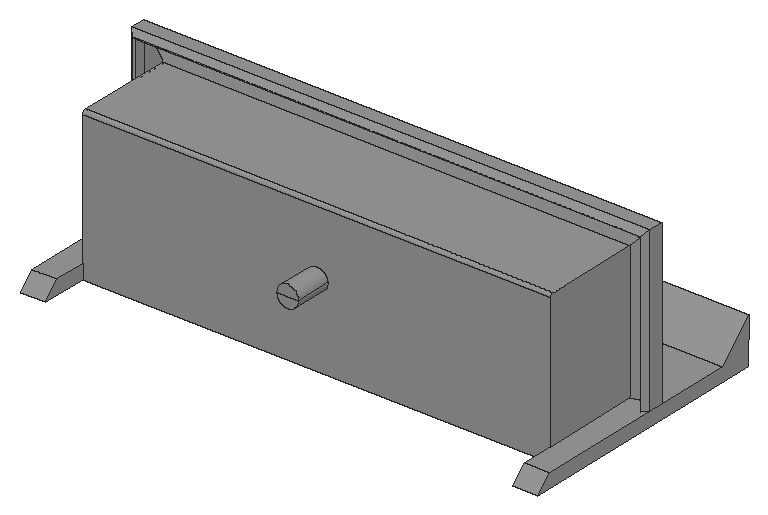
Revit family "Urinal-Willoughby-1800-UW-FA-TS", category Plumbing Fixtures, Revit 2015
Parameters (values of type "1836")
  Width = 3' - 0"
  Waste DIA = 1 1/2"
  Waste Connection = yes
  Vent Connection = no
  URL = "https://www.willoughby-ind.com/wp-content/uploads/2018/01/UW-1800.pdf"
  Type Comments = ""
  Trough Width = Width - 0' 3 1/2"  # 2' - 8 1/2"
  Revision = "A"
  Model = "UW-1836-FA-TS"
  Manufacturer = "Willoughby Industries"
  Half Width = Width / 2  # 1' - 6"
  HW Connection = no
  Fixture Body = Stainless Steel AISI 304-Willoughby(4)
  Description = "36\" Trough Urinal Top Spud"
  Default Elevation = 0' - 0"
  Contact = "800-428-4065"
  CW inlet Diameter = 3/4"
  CW Connection = yes
  96" = no
  72" = no
  60" = no
  48" = no
  36" = yes
Types (6): name | Width | Trough Width | Half Width | Fixture Body | Description | CW inlet Diameter | 96" | 72" | 60" | 48" | 36"
  (no name) | 3' - 0" | 2' - 8 1/2" | 1' - 6" | Stainless Steel AISI 304-Willoughby(4) | "36\" Trough Urinal Top Spud" | 3/4" | no | no | no | no | yes
  1848 | 4' - 0" | 3' - 8 1/2" | 2' - 0" | Stainless Steel AISI 304-Willoughby(3) | "48\" Trough Urinal Top Spud" | 3/4" | no | no | no | yes | no
  1836 | 3' - 0" | 2' - 8 1/2" | 1' - 6" | Stainless Steel AISI 304-Willoughby(4) | "36\" Trough Urinal Top Spud" | 3/4" | no | no | no | no | yes
  1860 | 5' - 0" | 4' - 8 1/2" | 2' - 6" | Stainless Steel AISI 304-Willoughby(2) | "60\" Trough Urinal Top Spud" | 3/4" | no | no | yes | no | no
  1872 | 6' - 0" | 5' - 8 1/2" | 3' - 0" | Stainless Steel AISI 304-Willoughby | "72\" Trough Urinal Top Spud" | 1 1/2" | no | yes | no | no | no
  1896 | 8' - 0" | 7' - 8 1/2" | 4' - 0" | Stainless Steel AISI 304-Willoughby(1) | "96\" Trough Urinal Top Spud" | 1 1/2" | yes | no | no | no | no
Reference planes (in)
  plane 1 "Center (Front/Back)Floor Level": y = 0
  plane 2: z = 0
  plane 3 "Center (Left/Right)": x = 0
  plane 4 "Top Of Urinal": y = 20
  plane 5 "Top Of Unit": y = 28
  plane 6 "Botto Of Unit": y = 13
  plane 7 "Left extent": x = -18
  plane 8 "Right Extent": x = 18
  plane 9: z = 10.5
  plane 10: x = 16.25
  plane 11: x = -16.25
  plane 12 "Drain Center": z = 5.75
  plane 13 "Top Spud": z = 2.5
  plane 14 "top spud": z = 2.5
  plane 15: x = -16.15625
Forms (in)
  Extrusion 1, solid, material "Stainless Steel AISI 304-Willoughby(4)" <- "Fixture Body"
    sketch origin (0, 0, 0) x (0, 1, 0) y (0, 0, 1)
      loop
        line (13, 0) -> (28, 0) -> (28, 3.25) -> (25.75, 1) -> (13, 1) -> (13, 0)
    from -18 to 18
  Extrusion 2, solid, material "Stainless Steel AISI 304-Willoughby(4)" <- "Fixture Body"
    sketch origin (0, 0, 0) x (0, 1, 0) y (0, 0, 1)
      loop
        line (20, 1) -> (20, 10.5) -> (13.25, 10.5)
        arc (13.25, 10.5) -> (13.07322, 10.42678) -> (13, 10.25) r 0.25
        line (13, 10.25) -> (13, 1) -> (20, 1)
    from -16.25 to 16.25
  Sweep 3, solid, material "Stainless Steel AISI 304-Willoughby(4)" <- "Fixture Body", detail levels medium+fine
    path origin (0, 20, 0) x (-1, 0, 0) y (0, 0, 1)
      loop
        line (-16.25, 1) -> (-16.25, 10.5) -> (16.25, 10.5) -> (16.25, 1)
    profile origin (16.25, 20, 5.75) x (1, 0, 0) y (0, 1, 0)
      loop
        line (0, 0) -> (0, -0.09706) -> (1.65625, 0.34673) -> (1.65625, -0.49226) -> (1.33016, -0.81835) -> (1.39645, -0.88464) -> (1.75, -0.53109) -> (1.75, 0.46891) -> (0, 0)
  Extrusion 4, void
    sketch origin (0, 0, 0) x (0, 1, 0) y (0, 0, 1)
      loop
        line (20, 10.45984) -> (13.36653, 10.45984)
        arc (13.36653, 10.45984) -> (13.18975, 10.38661) -> (13.11653, 10.20984) r 0.25
        line (13.11653, 10.20984) -> (13.11653, 1.06937) -> (20, 1.06937) -> (20, 10.45984)
    from -16.15625 to 16.1513
  Revolve 5, solid, material "Stainless Steel AISI 304-Willoughby(4)" <- "Fixture Body", detail levels medium+fine
    sketch origin (0, 0, 5.75) x (1, 0, 0) y (0, 1, 0)
      loop
        line (0, 13.11653) -> (0, 10.5) -> (0.75, 10.5) -> (0.75, 13.11653) -> (0, 13.11653)
      axis (0, 13.11653) -> (0, 10.5)
    angle from 0 to 360
  Extrusion 6, solid, material "Stainless Steel AISI 304-Willoughby(4)" <- "Fixture Body"
    sketch origin (0, 0, 0) x (0, 1, 0) y (0, 0, 1)
      loop
        line (13, 0) -> (13, 1) -> (10.75, 1) -> (9.75, 0) -> (13, 0)
    from -18 to -16.25
  Extrusion 7, solid, material "Stainless Steel AISI 304-Willoughby(4)" <- "Fixture Body"
    sketch origin (0, 0, 0) x (0, 1, 0) y (0, 0, 1)
      loop
        line (13, 1) -> (10.75, 1) -> (9.75, 0) -> (13, 0) -> (13, 1)
    from 16.25 to 18
  Revolve 8, solid, material "Stainless Steel AISI 304-Willoughby(4)" <- "Fixture Body", detail levels medium+fine
    sketch origin (0, 0, 2.5) x (1, 0, 0) y (0, 1, 0)
      loop
        line (0, 28) -> (0.375, 28) -> (0.375, 29) -> (0, 29) -> (0, 28)
      axis (0, 29) -> (0, 28)
    angle from 0 to 360
Cuts and joins
  Extrusion 4 cuts Extrusion 2
  joined: Extrusion 1, Extrusion 2, Extrusion 6, Extrusion 7
  Extrusion 4 cuts Sweep 3
Lines and regions (in)
  symbolic lines
    curve 1: line (-16.25, 9.75, 2.5) -> (-18, 9.75, 2.5)
    curve 2: line (-18, 9.75, 2.5) -> (-18, 28, 2.5)
    curve 3: line (-18, 28, 2.5) -> (18, 28, 2.5)
    curve 4: line (18, 28, 2.5) -> (18, 9.75, 2.5)
    curve 5: line (18, 9.75, 2.5) -> (16.25, 9.75, 2.5)
    curve 6: line (16.25, 9.75, 2.5) -> (16.25, 13, 2.5)
    curve 7: line (16.25, 13, 2.5) -> (-16.25, 13, 2.5)
    curve 8: line (-16.25, 13, 2.5) -> (-16.25, 20, 2.5)
    curve 9: line (-16.25, 20, 2.5) -> (16.25, 20, 2.5)
    curve 10: line (16.25, 20, 2.5) -> (16.25, 13, 2.5)
    curve 17: line (-16.25, 13, 2.5) -> (-16.25, 9.75, 2.5)
    curve 20: line (-18, 20, 0) -> (18, 20, 0)
    curve 21: line (18, 20, 0) -> (18, 20, 12.25)
    curve 22: line (18, 20, 12.25) -> (-18, 20, 12.25)
    curve 23: line (-18, 20, 12.25) -> (-18, 20, 0)
    curve 29: line (0, 9.75, 0) -> (0, 28, 0)
    curve 30: line (0, 28, 0) -> (0, 28, 3.25)
    curve 31: line (0, 28, 3.25) -> (0, 25.75, 1)
    curve 32: line (0, 25.75, 1) -> (0, 10.75, 1)
    curve 33: line (0, 10.75, 1) -> (0, 9.75, 0)
    curve 34: line (0, 20, 1) -> (0, 20, 10.5)
    curve 35: line (0, 20, 10.5) -> (0, 13.25, 10.5)
    curve 36: arc (0, 13.25, 10.5) -> (0, 13.07322, 10.42678) -> (0, 13, 10.25) r 0.25
    curve 37: line (0, 13, 10.25) -> (0, 13, 1)
  symbolic lines, detail levels fine
    curve 11: line (-17.64645, 19.11536, 2.5) -> (17.64645, 19.11536, 2.5)
    curve 12: line (17.64645, 19.11536, 2.5) -> (18, 19.46891, 2.5)
    curve 13: line (18, 20.46891, 2.5) -> (16.25, 20, 2.5)
    curve 14: line (-17.64645, 19.11536, 2.5) -> (-18, 19.46891, 2.5)
    curve 26: line (-16.25, 20, 1) -> (-16.25, 20, 10.5)
    curve 27: line (-16.25, 20, 10.5) -> (16.25, 20, 10.5)
    curve 28: line (16.25, 20, 10.5) -> (16.25, 20, 1)
    curve 42: line (0, 20.46891, 12.25) -> (0, 20, 10.5)
    curve 43: line (0, 19.46891, 12.25) -> (0, 19.46891, 1)
  symbolic lines, detail levels medium+fine
    curve 15: line (-18, 20.46891, 2.5) -> (18, 20.46891, 2.5)
    curve 16: line (-18, 25.75, 2.5) -> (18, 25.75, 2.5)
    curve 18: line (-16.25, 10.75, 2.5) -> (-18, 10.75, 2.5)
    curve 19: line (16.25, 10.75, 2.5) -> (18, 10.75, 2.5)
    curve 24: line (-18, 20, 1) -> (18, 20, 1)
    curve 25: line (18, 20, 3.25) -> (-18, 20, 3.25)
    curve 38: line (0, 20.46891, 1) -> (0, 20.46891, 12.25)
    curve 39: line (0, 20.46891, 12.25) -> (0, 19.46891, 12.25)
    curve 40: line (0, 19.46891, 12.25) -> (0, 19.11536, 11.89645)
    curve 41: line (0, 19.11536, 11.89645) -> (0, 19.11536, 1)
Dimensions and locks (in)
  "Width": plane 7 "Left extent" to plane 8 "Right Extent"
  equal spacing: plane 7 "Left extent", plane 3 "Center (Left/Right)", plane 8 "Right Extent"
  plane 3 "Center (Left/Right)" to plane 8 "Right Extent" = 1' - 6"
  "Trough Width": plane 11 to plane 10
  equal spacing: plane 11, plane 3 "Center (Left/Right)", plane 10
  cut or joined group of Extrusion 1, Extrusion 2, Extrusion 4, Extrusion 6, Extrusion 7 to cut or joined group of Extrusion 1, Extrusion 2, Extrusion 4, Extrusion 6, Extrusion 7 = 0' - 1 3/4"
  locked: cut or joined group of Extrusion 1, Extrusion 2, Extrusion 4, Extrusion 6, Extrusion 7 to cut or joined group of Extrusion 1, Extrusion 2, Extrusion 4, Extrusion 6, Extrusion 7 at 0.0987
  plane 13 "Top Spud" to cut or joined group of Extrusion 1, Extrusion 2, Extrusion 4, Extrusion 6, Extrusion 7 = 0' - 0 3/4"
  plane 14 "top spud" to cut or joined group of Extrusion 1, Extrusion 2, Extrusion 4, Extrusion 6, Extrusion 7 = 0' - 0 3/4"
  cut or joined group of Extrusion 1, Extrusion 2, Extrusion 4, Extrusion 6, Extrusion 7 to cut or joined group of Extrusion 1, Extrusion 2, Extrusion 4, Extrusion 6, Extrusion 7 = 0' - 1 27/32"
  plane 11 to plane 15 = 0' - 0 3/32"
  aligned and locked: Extrusion 1 to level
  aligned and locked: plane 5 "Top Of Unit" to Extrusion 1
  aligned and locked: Extrusion 1 to plane 6 "Botto Of Unit"
  aligned and locked: Extrusion 1 to plane 8 "Right Extent"
  aligned and locked: plane 7 "Left extent" to Extrusion 1
  aligned and locked: plane 9 to Extrusion 2
  aligned and locked: plane 4 "Top Of Urinal" to Extrusion 2
  aligned and locked: Extrusion 2 to Extrusion 1
  aligned and locked: Extrusion 2 to plane 6 "Botto Of Unit"
  aligned and locked: plane 10 to Extrusion 2
  aligned and locked: Extrusion 2 to plane 11
  aligned and locked: plane 4 "Top Of Urinal" to Extrusion 4
  aligned and locked: Extrusion 2 to cut or joined group of Sweep 3, Extrusion 4  (x2)
  aligned and locked: cut or joined group of Extrusion 1, Extrusion 2, Extrusion 4, Extrusion 6, Extrusion 7 to Revolve 5 sketch curve
  aligned and locked: Revolve 5 sketch curve to Revolve 5 sketch curve  (x2)
  aligned and locked: Extrusion 6 to level
  aligned and locked: plane 6 "Botto Of Unit" to Extrusion 6
  aligned and locked: Extrusion 6 to cut or joined group of Extrusion 1, Extrusion 2, Extrusion 4, Extrusion 6, Extrusion 7
  aligned and locked: plane 11 to Extrusion 6
  aligned and locked: plane 7 "Left extent" to Extrusion 6
  aligned and locked: Extrusion 7 to plane 8 "Right Extent"
  aligned and locked: Extrusion 7 to plane 10
  aligned and locked: Revolve 8 sketch curve to Revolve 8 sketch curve  (x2)
  aligned and locked: curve 16 to cut or joined group of Extrusion 1, Extrusion 2, Extrusion 4, Extrusion 6, Extrusion 7
  aligned and locked: Extrusion 4 to plane 15
Automatic sketch dimensions
  Extrusion 1 sketch curve to level = 0' - 0"
  Extrusion 1 sketch curve to plane 6 "Botto Of Unit" = 0' - 0"
  Extrusion 1 sketch curve to plane 5 "Top Of Unit" = 0' - 0"
  level to Extrusion 1 sketch curve = 0' - 1"
  Extrusion 1 sketch curve to plane 5 "Top Of Unit" = 0' - 2 1/4"
  Extrusion 1 sketch curve to Extrusion 1 sketch curve = 0' - 2 1/4"
  Extrusion 2 sketch curve to plane 6 "Botto Of Unit" = 0' - 0"
  Extrusion 2 sketch curve to plane 9 = 0' - 0"
  Extrusion 2 sketch curve to plane 4 "Top Of Urinal" = 0' - 0"
  plane 6 "Botto Of Unit" to Extrusion 2 sketch curve = 0' - 0 1/4"
  level to Extrusion 2 sketch curve = 0' - 1"
  Sweep 3 sketch curve to plane 10 = 0' - 0"
  Sweep 3 sketch curve to plane 9 = 0' - 0"
  Sweep 3 sketch curve to plane 11 = 0' - 0"
  level to Sweep 3 sketch curve = 0' - 1"  (x2)
  Sweep 3 sketch curve to profile plane = 0' - 0"
  Sweep 3 sketch curve to plane 4 "Top Of Urinal" = 0' - 0"
  Sweep 3 sketch curve to profile plane = 0' - 1.33016"
  Sweep 3 sketch curve to plane 4 "Top Of Urinal" = 0' - 0.88464"
  Sweep 3 sketch curve to Sweep 3 sketch curve = 0' - 0.06629"
  plane 4 "Top Of Urinal" to Sweep 3 sketch curve = 0' - 0.34673"
  Sweep 3 sketch curve to Sweep 3 sketch curve = 0' - 0.32609"
  Sweep 3 sketch curve to plane 4 "Top Of Urinal" = 0' - 0.53109"
  Sweep 3 sketch curve to Sweep 3 sketch curve = 0' - 0 3/32"
  Sweep 3 sketch curve to Sweep 3 sketch curve = 0' - 0.12218"
  Sweep 3 sketch curve to Sweep 3 sketch curve = 0' - 0.09706"
  Extrusion 4 sketch curve to plane 4 "Top Of Urinal" = 0' - 0"
  plane 6 "Botto Of Unit" to Extrusion 4 sketch curve = 0' - 0.36653"
  plane 6 "Botto Of Unit" to Extrusion 4 sketch curve = 0' - 0.11653"
  level to Extrusion 4 sketch curve = 0' - 1.06937"
  Extrusion 4 sketch curve to plane 9 = 0' - 0.29016"
  Revolve 5 sketch curve to plane 3 "Center (Left/Right)" = 0' - 0"
  Revolve 5 sketch curve to Revolve 5 sketch curve = 0' - 0 3/4"
  Revolve 5 sketch curve to plane 6 "Botto Of Unit" = 0' - 2 1/2"
  Revolve 5 sketch curve to Revolve 5 sketch curve = 0' - 0"
  Extrusion 6 sketch curve to level = 0' - 0"
  Extrusion 6 sketch curve to plane 6 "Botto Of Unit" = 0' - 0"
  level to Extrusion 6 sketch curve = 0' - 1"
  Extrusion 6 sketch curve to plane 6 "Botto Of Unit" = 0' - 2 1/4"
  Extrusion 6 sketch curve to Extrusion 6 sketch curve = 0' - 1"
  Extrusion 7 sketch curve to level = 0' - 0"
  Extrusion 7 sketch curve to plane 6 "Botto Of Unit" = 0' - 0"
  Extrusion 7 sketch curve to Extrusion 7 sketch curve = 0' - 1"  (x2)
  Extrusion 7 sketch curve to plane 6 "Botto Of Unit" = 0' - 2 1/4"
  Revolve 8 sketch curve to plane 3 "Center (Left/Right)" = 0' - 0"
  Revolve 8 sketch curve to plane 5 "Top Of Unit" = 0' - 0"  (x2)
  Revolve 8 sketch curve to Revolve 8 sketch curve = 0' - 0 3/8"
  plane 5 "Top Of Unit" to Revolve 8 sketch curve = 0' - 1"
  curve 18 to plane 7 "Left extent" = 0' - 0"
  curve 17 to plane 6 "Botto Of Unit" = 0' - 0"
  curve 17 to plane 11 = 0' - 0"
  curve 10 to plane 4 "Top Of Urinal" = 0' - 0"
  curve 19 to plane 10 = 0' - 0"
  curve 15 to plane 8 "Right Extent" = 0' - 0"
  curve 3 to plane 5 "Top Of Unit" = 0' - 0"
  curve 14 to plane 7 "Left extent" = 0' - 0.35355"
  plane 8 "Right Extent" to curve 12 = 0' - 0.35355"
  curve 4 to plane 6 "Botto Of Unit" = 0' - 3 1/4"
  curve 17 to curve 7 = 0' - 3 1/4"
  curve 14 to plane 4 "Top Of Urinal" = 0' - 0.88464"
  plane 4 "Top Of Urinal" to curve 15 = 0' - 0.46891"
  curve 4 to curve 19 = 0' - 1"
  curve 1 to curve 18 = 0' - 1"
  curve 11 to curve 12 = 0' - 0.35355"
  curve 11 to curve 14 = 0' - 0.35355"
  curve 20 to level = 0' - 0"
  plane 8 "Right Extent" to curve 20 = 0' - 0"
  curve 28 to plane 9 = 0' - 0"
  curve 28 to plane 10 = 0' - 0"
  curve 27 to plane 11 = 0' - 0"
  plane 7 "Left extent" to curve 24 = 0' - 0"
  plane 9 to curve 22 = 0' - 1 3/4"
  level to curve 24 = 0' - 1"
  plane 14 "top spud" to curve 25 = 0' - 0 3/4"
  curve 29 to level = 0' - 0"
  curve 37 to plane 6 "Botto Of Unit" = 0' - 0"
  curve 35 to plane 9 = 0' - 0"
  curve 34 to plane 4 "Top Of Urinal" = 0' - 0"
  curve 29 to plane 5 "Top Of Unit" = 0' - 0"
  level to curve 32 = 0' - 1"
  curve 32 to plane 6 "Botto Of Unit" = 0' - 2 1/4"
  curve 33 to curve 32 = 0' - 1"
  plane 6 "Botto Of Unit" to curve 35 = 0' - 0 1/4"
  curve 41 to plane 4 "Top Of Urinal" = 0' - 0.88464"
  curve 40 to curve 40 = 0' - 0.35355"
  plane 4 "Top Of Urinal" to curve 39 = 0' - 0.46891"
  curve 31 to plane 5 "Top Of Unit" = 0' - 2 1/4"
  plane 14 "top spud" to curve 31 = 0' - 0 3/4"
  plane 9 to curve 40 = 0' - 1.39645"
  curve 40 to curve 39 = 0' - 0.35355"
Connectors (in)
  piping at (0, 10.5, 5.75), diameter 1.5, driven by "Waste DIA", driven by "Waste Connection"
    settings: on Revolve 5, index 1, connector inside diameter 24", connector length 0' - 0", flow factor 0, pipe flow 0 GPM, pressure drop 0.00 psi, fitting loss kfactor 0, connector angle 0.00°, fixture units 0, engagement length 0' - 0", angle of deflection 0.00°, flow configuration 0, flow direction 2, fitting loss method 0, system type 16, joint type 0, gender type 0, connector reference index -1, connector utility 1, adjustable connector no, is connector primary yes, connector description "Urinal Waste"
  piping at (0, 29, 2.5), diameter 0.75, driven by "CW inlet Diameter", driven by "CW Connection"
    settings: on Revolve 8, index 2, connector inside diameter 24", connector length 0' - 0", flow factor 0, pipe flow 0 GPM, pressure drop 0.00 psi, fitting loss kfactor 0, connector angle 0.00°, fixture units 0, engagement length 0' - 0", angle of deflection 0.00°, flow configuration 0, flow direction 1, fitting loss method 0, system type 20, joint type 0, gender type 0, connector reference index -1, connector utility 1, adjustable connector no, is connector primary no, connector description "Flush CW Inlet"
